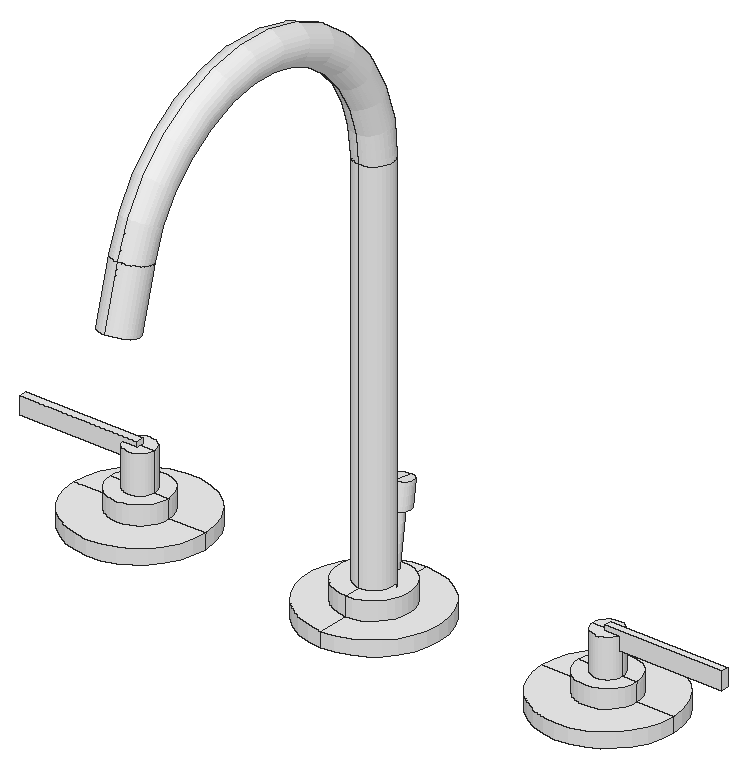
Revit family "Faucet-DXV-Percy-D351058XX_Series", category Plumbing Fixtures, Revit 2014
Parameters (values of type "D35105800.100")
  Width = 8"
  Waste Connection = no
  Warranty Documentation Link = "https://www.dxv.com/-/media/files/dxv/warranty/dxv_warranty_booklet.ashx"
  WFU = 2  # constant formula
  Vent Connection = no
  URL = "http://www.dxv.com/"
  Tri-Spoke Option = no
  Revised Date = "05/07/2018"  # constant formula
  Product Page URL = "https://www.dxv.com/product/percy-widespread-bathroom-faucet-with-lever-handles-by-dxv"
  Product Documentation Link = ""
  Price = "Prices may vary. Please consult Manufacturer Representative for most up-to-date price list."  # constant formula
  Model = "D35105800.100"
  Material = "Metal-DXV-100-Polished Chrome"
  Manufacturer = "DXV"  # constant formula
  Lever Handle Option = yes
  Length = 5 7/16"  # constant formula
  Installation Type = "Deck Mounted"  # constant formula
  Hot Water Connection Diameter = 1/2"
  Height = 10"  # constant formula
  HWFU = 1.5  # constant formula
  HW Connection = yes
  Flow Rate = "1.5 gpm (5.7L/min)"
  Finish = Metal-DXV-100-Polished Chrome
  Description = "Percy Widespread Faucet"  # constant formula
  Default Elevation = 0"
  Cross Handle Option = no
  Creation Date = "07/02/2014"  # constant formula
  Cold Water Connection Diameter = Hot Water Connection Diameter  # 1/2"
  CWFU = 1.5  # constant formula
  CW Connection = yes
  Assembly Code = "D2020300"
  ADA Compliant = yes
Types (11): name | Tri-Spoke Option | Product Page URL | Model | Material | Lever Handle Option | Flow Rate | Finish | Cross Handle Option | ADA Compliant
  (no name) | no | "https://www.dxv.com/product/percy-widespread-bathroom-faucet-with-lever-handles-by-dxv" | "D35105800.100" | "Metal-DXV-100-Polished Chrome" | yes | "1.5 gpm (5.7L/min)" | Metal-DXV-100-Polished Chrome | no | yes
  D35105800.144 | no | "https://www.dxv.com/product/percy-widespread-bathroom-faucet-with-lever-handles-by-dxv" | "D35105800.144" | "Metal-DXV-144-Brushed Nickel" | yes | "1.5 gpm (5.7L/min)" | Metal-DXV-144-Brushed Nickel | no | yes
  D35105800.100 | no | "https://www.dxv.com/product/percy-widespread-bathroom-faucet-with-lever-handles-by-dxv" | "D35105800.100" | "Metal-DXV-100-Polished Chrome" | yes | "1.5 gpm (5.7L/min)" | Metal-DXV-100-Polished Chrome | no | yes
  D35105840.100 | no | "https://www.dxv.com/product/percy-widespread-bathroom-faucet-with-cross-handles-by-dxv" | "D35105840.100" | "Metal-DXV-100-Polished Chrome" | no | "1.5 gpm (5.7L/min)" | Metal-DXV-100-Polished Chrome | yes | no
  D35105840.144 | no | "https://www.dxv.com/product/percy-widespread-bathroom-faucet-with-cross-handles-by-dxv" | "D35105840.144" | "Metal-DXV-144-Brushed Nickel" | no | "1.5 gpm (5.7L/min)" | Metal-DXV-144-Brushed Nickel | yes | no
  D3510580C.100 | no | "https://www.dxv.com/product/percy-widespread-bathroom-faucet-with-lever-handles-by-dxv" | "D3510580C.100" | "Metal-DXV-100-Polished Chrome" | yes | "1.2 gpm (4.5 L/min)" | Metal-DXV-100-Polished Chrome | no | yes
  D3510580C.144 | no | "https://www.dxv.com/product/percy-widespread-bathroom-faucet-with-lever-handles-by-dxv" | "D3510580C.144" | "Metal-DXV-144-Brushed Nickel" | yes | "1.2 gpm (4.5 L/min)" | Metal-DXV-144-Brushed Nickel | no | yes
  D3510584C.100 | no | "https://www.dxv.com/product/percy-widespread-bathroom-faucet-with-cross-handles-by-dxv" | "D3510584C.100" | "Metal-DXV-100-Polished Chrome" | no | "1.2 gpm (4.5 L/min)" | Metal-DXV-100-Polished Chrome | yes | no
  D3510584C.144 | no | "https://www.dxv.com/product/percy-widespread-bathroom-faucet-with-cross-handles-by-dxv" | "D3510584C.144" | "Metal-DXV-144-Brushed Nickel" | no | "1.2 gpm (4.5 L/min)" | Metal-DXV-144-Brushed Nickel | yes | no
  D35105870.100 | yes | "https://www.dxv.com/product/percy-widespread-bathroom-faucet-with-cross-handles-by-dxv" | "D35105870.100" | "Metal-DXV-100-Polished Chrome" | no | "1.2 gpm (4.5 L/min)" | Metal-DXV-100-Polished Chrome | no | no
  D35105870.144 | yes | "https://www.dxv.com/product/percy-widespread-bathroom-faucet-with-cross-handles-by-dxv" | "D35105870.144" | "Metal-DXV-144-Brushed Nickel" | no | "1.2 gpm (4.5 L/min)" | Metal-DXV-144-Brushed Nickel | no | no
Reference planes (in)
  plane 1 "Center (Front/Back)": y = 0
  plane 2: z = 0
  plane 3 "Center (Left/Right)": x = 0
  plane 4: z = 10
  plane 5: z = 6.5625
  plane 6: z = 0.78536
  plane 7: x = 1.125
  plane 8: x = -1.125
  plane 9: y = -5.4375
  plane 10: x = 2.875
  plane 11: x = 4
  plane 12: x = 5.125
  plane 13: x = -4
  plane 14: x = 6.00088
  plane 15: x = -5.25347
  plane 16: x = -2.74653
  plane 17: y = 1.25
  plane 18: y = -1.25
  plane 19: x = -4.06597
  plane 20: x = -3.93403
  plane 21: x = 3.94097
  plane 22: x = 4.05903
  plane 23: x = -4.06597
  plane 24: x = -3.93403
  plane 25: x = 2.75
  plane 26: x = 5.25
Forms (in)
  Revolve 1, solid, material "Metal-DXV-100-Polished Chrome" <- "Finish"
    sketch origin (0, 0, 0) x (0, 1, 0) y (0, 0, 1)
      loop
        line (0, 0) -> (0, 0.56166) -> (-0.60569, 0.56166) -> (-0.60569, 0.25013) -> (-1.125, 0.25013) -> (-1.125, 0) -> (0, 0)
      axis (0, 0.56166) -> (0, 0)
    angle from 0 to 360
  Revolve 2, solid, material "Metal-DXV-100-Polished Chrome" <- "Finish"
    sketch origin (0, -0.04853, 0) x (0, 1, 0) y (0, 0, 1)
      loop
        line (0.44355, 0.40297) -> (0.64814, 1.85869) -> (0.46726, 1.88411) -> (0.40799, 1.46235) -> (0.49843, 1.44964) -> (0.35311, 0.41568) -> (0.44355, 0.40297)
      axis (0.64814, 1.85869) -> (0.44355, 0.40297)
    angle from 0 to 360
  Revolve 3, solid, material "Metal-DXV-100-Polished Chrome" <- "Finish"
    sketch origin (0, 0, 0) x (1, 0, 0) y (0, 0, 1)
      loop
        line (4, 1.20723) -> (3.75088, 1.20723) -> (3.75088, 0.56166) -> (3.50088, 0.56166) -> (3.50088, 0.25013) -> (2.875, 0.25013) -> (2.875, 0) -> (4, 0) -> (4, 1.20723)
      axis (4, 1.20723) -> (4, 0)
    angle from 0 to 360
  Extrusion 4, solid, material "Metal-DXV-100-Polished Chrome" <- "Finish"
    sketch origin (0, 0, 0) x (1, 0, 0) y (0, 1, 0)
      loop
        circle (4, 0) r 0.25
    from -0.05532 to 0
  Extrusion 5, solid, material "Metal-DXV-100-Polished Chrome" <- "Finish", visible <- "Cross Handle Option"
    sketch origin (8, 0.0625, 0.40625) x (-1, 0, 0) y (0, 0, -1)
      loop
        line (2.75, -0.78536) -> (5.25, -0.78536) -> (5.25, -0.4867) -> (2.75, -0.4867) -> (2.75, -0.78536)
    from 0 to 0.125
  Extrusion 6, solid, material "Metal-DXV-100-Polished Chrome" <- "Finish", visible <- "Lever Handle Option"
    sketch origin (0, 0.0625, 0.5) x (1, 0, 0) y (0, 0, 1)
      loop
        line (4, 0.78536) -> (4, 0.4867) -> (6.00088, 0.4867) -> (6.00088, 0.78536) -> (4, 0.78536)
    from 0 to 0.125
  Extrusion 7, solid, material "Metal-DXV-100-Polished Chrome" <- "Finish", visible <- "Lever Handle Option"
    sketch origin (0, 0.0625, 0.5) x (-1, 0, 0) y (0, 0, -1)
      loop
        line (4, -0.78536) -> (6.00088, -0.78536) -> (6.00088, -0.4867) -> (4, -0.4867) -> (4, -0.78536)
    from 0 to 0.125
  Extrusion 8, solid, material "Metal-DXV-100-Polished Chrome" <- "Finish", visible <- "Cross Handle Option"
    sketch origin (0, 0.0625, 0.40625) x (-1, 0, 0) y (0, 0, -1)
      loop
        line (2.74653, -0.78536) -> (5.25347, -0.78536) -> (5.25347, -0.4867) -> (2.74653, -0.4867) -> (2.74653, -0.78536)
    from 0 to 0.125
  Extrusion 9, solid, material "Metal-DXV-100-Polished Chrome" <- "Finish"
    sketch origin (-8, 0, 0) x (1, 0, 0) y (0, 1, 0)
      loop
        circle (4, 0) r 0.25
    from -0.05532 to 0
  Extrusion 10, solid, material "Metal-DXV-100-Polished Chrome" <- "Finish", visible <- "Cross Handle Option"
    sketch origin (3.30393, 0, 4.08002) x (1, 0, 0) y (0, 0, 1)
      loop
        line (-7.3699, -2.88841) -> (-7.3699, -3.18707) -> (-7.23797, -3.18707) -> (-7.23797, -2.88841) -> (-7.3699, -2.88841)
    from -1.25 to 1.25
  Extrusion 11, solid, material "Metal-DXV-100-Polished Chrome" <- "Finish", visible <- "Cross Handle Option"
    sketch origin (11.96711, 0, 4.08002) x (1, 0, 0) y (0, 0, 1)
      loop
        line (-8.02615, -2.88841) -> (-8.02615, -3.18707) -> (-7.90808, -3.18707) -> (-7.90808, -2.88841) -> (-8.02615, -2.88841)
    from -1.25 to 1.25
  Sweep 12, solid, material "Metal-DXV-100-Polished Chrome" <- "Finish"
    path origin (0, 0, 0.30434) x (0, 1, 0) y (0, 0, 1)
      loop
        line (0.31229, -0.30434) -> (0.31229, 6.74271)
        arc (0.31229, 6.74271) -> (-2.24467, 9.66245) -> (-5.47618, 7.51297) r 2.94548
        line (-5.47618, 7.51297) -> (-5.74625, 6.51618)
    profile origin (0, 0.31229, 3.52352) x (0, -1, 0) y (1, 0, 0)
      loop
        circle (0.31229, 0) r 0.31229
  Extrusion 13, solid, material "Metal-DXV-100-Polished Chrome" <- "Finish", visible <- "Tri-Spoke Option"
    sketch origin (0, 0, 0) x (1, 0, 0) y (0, 1, 0)
      loop
        arc (-4.20999, -1.03938) -> (-4, -1.24937) -> (-3.79001, -1.03938) r 0.20999
        line (-3.79001, -1.03938) -> (-3.79001, -0.31359)
        arc (-3.79001, -0.31359) -> (-3.74546, -0.15295) -> (-3.62453, -0.03819) r 0.31191
        line (-3.62453, -0.03819) -> (-2.9837, 0.30255)
        arc (-2.9837, 0.30255) -> (-2.89687, 0.58655) -> (-3.18087, 0.67337) r 0.20999
        line (-3.18087, 0.67337) -> (-3.85329, 0.31584)
        arc (-3.85329, 0.31584) -> (-4, 0.27926) -> (-4.14671, 0.31584) r 0.3125
        line (-4.14671, 0.31584) -> (-4.81913, 0.67337)
        arc (-4.81913, 0.67337) -> (-5.10313, 0.58655) -> (-5.0163, 0.30255) r 0.20999
        line (-5.0163, 0.30255) -> (-4.37578, -0.03802)
        arc (-4.37578, -0.03802) -> (-4.25463, -0.153) -> (-4.20999, -0.31395) r 0.3125
        line (-4.20999, -0.31395) -> (-4.20999, -1.03938)
    from 1.05502 to 1.20723
  Extrusion 14, solid, material "Metal-DXV-100-Polished Chrome" <- "Finish", visible <- "Tri-Spoke Option"
    sketch origin (0, 0, 0) x (-1, 0, 0) y (0, -1, 0)
      loop
        line (-4.20999, 1.03938) -> (-4.20999, 0.31395)
        arc (-4.20999, 0.31395) -> (-4.25463, 0.153) -> (-4.37578, 0.03802) r 0.3125
        line (-4.37578, 0.03802) -> (-5.0163, -0.30255)
        arc (-5.0163, -0.30255) -> (-5.10313, -0.58655) -> (-4.81913, -0.67337) r 0.20999
        line (-4.81913, -0.67337) -> (-4.14671, -0.31584)
        arc (-4.14671, -0.31584) -> (-4, -0.27926) -> (-3.85329, -0.31584) r 0.3125
        line (-3.85329, -0.31584) -> (-3.18087, -0.67337)
        arc (-3.18087, -0.67337) -> (-2.89687, -0.58655) -> (-2.9837, -0.30255) r 0.20999
        line (-2.9837, -0.30255) -> (-3.62453, 0.03819)
        arc (-3.62453, 0.03819) -> (-3.74546, 0.15295) -> (-3.79001, 0.31359) r 0.31191
        line (-3.79001, 0.31359) -> (-3.79001, 1.03938)
        arc (-3.79001, 1.03938) -> (-4, 1.24937) -> (-4.20999, 1.03938) r 0.20999
    from 1.05502 to 1.20723
  Revolve 15, solid, material "Metal-DXV-100-Polished Chrome" <- "Finish"
    sketch origin (0, 0, 0) x (-1, 0, 0) y (0, 0, -1)
      loop
        line (4, -1.20723) -> (4, 0) -> (2.875, 0) -> (2.875, -0.25013) -> (3.50088, -0.25013) -> (3.50088, -0.56166) -> (3.75088, -0.56166) -> (3.75088, -1.20723) -> (4, -1.20723)
      axis (4, -1.20723) -> (4, 0)
    angle from 0 to 360
Cuts and joins
  joined: Revolve 1, Revolve 2
Lines and regions (in)
  Masking region 1
    outline origin (0, 0, 0) x (1, 0, 0) y (0, 1, 0)
      loop
        line (-0.31229, -1.08079) -> (-0.31229, -5.44483)
        spline (-0.31229, -5.44483) -> (-0.30165, -5.52284) -> (-0.27045, -5.59554) -> (-0.22082, -5.65796) -> (-0.15614, -5.70586) -> (-0.08083, -5.73598) -> (0, -5.74625) -> (0.08083, -5.73598) -> (0.15614, -5.70586) -> (0.22082, -5.65796) -> (0.27045, -5.59554) -> (0.30165, -5.52284) -> (0.31229, -5.44483)
        line (0.31229, -5.44483) -> (0.31229, -1.08079)
        arc (0.31229, -1.08079) -> (0, 1.125) -> (-0.31229, -1.08079) r 1.125
      loop
        circle (-4, 0) r 1.125
      loop
        circle (4, 0) r 1.125
  Masking region 2, visible <- "Cross Handle Option"
    outline origin (0, 0, 0) x (1, 0, 0) y (0, 1, 0)
      loop
        line (-4.06597, -0.0625) -> (-4.06597, -1.25) -> (-3.93403, -1.25) -> (-3.93403, -0.0625) -> (-2.74653, -0.0625) -> (-2.74653, 0.0625) -> (-3.93403, 0.0625) -> (-3.93403, 1.25) -> (-4.06597, 1.25) -> (-4.06597, 0.0625) -> (-5.25347, 0.0625) -> (-5.25347, -0.0625) -> (-4.06597, -0.0625)
      loop
        line (4.05903, -0.0625) -> (5.25, -0.0625) -> (5.25, 0.0625) -> (4.05903, 0.0625) -> (4.05903, 1.25) -> (3.94097, 1.25) -> (3.94097, 0.0625) -> (2.75, 0.0625) -> (2.75, -0.0625) -> (3.94097, -0.0625) -> (3.94097, -1.25) -> (4.05903, -1.25) -> (4.05903, -0.0625)
  Masking region 3, visible <- "Lever Handle Option"
    outline origin (0, 0, 0) x (1, 0, 0) y (0, 1, 0)
      loop
        line (-6.00088, 0.0625) -> (-6.00088, -0.0625) -> (-4, -0.0625) -> (-4, 0.0625) -> (-6.00088, 0.0625)
      loop
        line (6.00088, -0.0625) -> (6.00088, 0.0625) -> (4, 0.0625) -> (4, -0.0625) -> (6.00088, -0.0625)
  Masking region 4, visible <- "Tri-Spoke Option"
    outline origin (0, 0, 0) x (1, 0, 0) y (0, 1, 0)
      loop
        line (-5.0163, 0.30255) -> (-4.37578, -0.03802)
        arc (-4.37578, -0.03802) -> (-4.25463, -0.153) -> (-4.20999, -0.31395) r 0.3125
        line (-4.20999, -0.31395) -> (-4.20999, -1.03938)
        arc (-4.20999, -1.03938) -> (-4, -1.24937) -> (-3.79001, -1.03938) r 0.20999
        line (-3.79001, -1.03938) -> (-3.79001, -0.31359)
        arc (-3.79001, -0.31359) -> (-3.74546, -0.15295) -> (-3.62453, -0.03819) r 0.31191
        line (-3.62453, -0.03819) -> (-2.9837, 0.30255)
        arc (-2.9837, 0.30255) -> (-2.89687, 0.58655) -> (-3.18087, 0.67337) r 0.20999
        line (-3.18087, 0.67337) -> (-3.85329, 0.31584)
        arc (-3.85329, 0.31584) -> (-4, 0.27926) -> (-4.14671, 0.31584) r 0.3125
        line (-4.14671, 0.31584) -> (-4.81913, 0.67337)
        arc (-4.81913, 0.67337) -> (-5.10313, 0.58655) -> (-5.0163, 0.30255) r 0.20999
      loop
        arc (5.0163, 0.30255) -> (5.10313, 0.58655) -> (4.81913, 0.67337) r 0.20999
        line (4.81913, 0.67337) -> (4.14671, 0.31584)
        arc (4.14671, 0.31584) -> (4, 0.27926) -> (3.85329, 0.31584) r 0.3125
        line (3.85329, 0.31584) -> (3.18087, 0.67337)
        arc (3.18087, 0.67337) -> (2.89687, 0.58655) -> (2.9837, 0.30255) r 0.20999
        line (2.9837, 0.30255) -> (3.62453, -0.03819)
        arc (3.62453, -0.03819) -> (3.74546, -0.15295) -> (3.79001, -0.31359) r 0.31191
        line (3.79001, -0.31359) -> (3.79001, -1.03938)
        arc (3.79001, -1.03938) -> (4, -1.24937) -> (4.20999, -1.03938) r 0.20999
        line (4.20999, -1.03938) -> (4.20999, -0.31395)
        arc (4.20999, -0.31395) -> (4.25463, -0.153) -> (4.37578, -0.03802) r 0.3125
        line (4.37578, -0.03802) -> (5.0163, 0.30255)
  symbolic lines, style "PlumbingFixtures", detail levels medium+fine
    curve 1: spline (0, 0.7805, 0) -> (-0.02566, 0.7787, 0) -> (-0.0508, 0.77336, 0) -> (-0.07494, 0.76457, 0) -> (-0.0976, 0.75251, 0) -> (-0.11832, 0.73742, 0) -> (-0.13669, 0.7196, 0) -> (-0.15236, 0.69939, 0) -> (-0.165, 0.67721, 0) -> (-0.17437, 0.65349, 0) -> (-0.18028, 0.62871, 0) -> (-0.18262, 0.60334, 0) -> (-0.18134, 0.5779, 0)
    curve 3: arc (-0.31229, 0, 0) -> (0, 0.31229, 0) -> (0.31229, 0, 0) r 0.31229
    curve 4: line (-0.31229, 0, 0) -> (-0.31229, -1.08079, 0)
    curve 5: line (0.31229, -1.08079, 0) -> (0.31229, 0, 0)
    curve 6: arc (-0.31229, -0.51897, 0) -> (-0.60142, 0.0718, 0) -> (-0.18134, 0.5779, 0) r 0.60569
    curve 7: arc (0.18134, 0.5779, 0) -> (0.60142, 0.0718, 0) -> (0.31229, -0.51897, 0) r 0.60569
    curve 8: spline (0.18134, 0.5779, 0) -> (0.18262, 0.60334, 0) -> (0.18028, 0.62871, 0) -> (0.17437, 0.65349, 0) -> (0.165, 0.67721, 0) -> (0.15236, 0.69939, 0) -> (0.13669, 0.7196, 0) -> (0.11832, 0.73742, 0) -> (0.0976, 0.75251, 0) -> (0.07494, 0.76457, 0) -> (0.0508, 0.77336, 0) -> (0.02566, 0.7787, 0) -> (0, 0.7805, 0)
  symbolic lines, style "PlumbingFixtures", detail levels fine
    curve 2: spline (0, 0.41873, 0) -> (0.02202, 0.42005, 0) -> (0.04373, 0.42399, 0) -> (0.06479, 0.4305, 0) -> (0.08491, 0.43947, 0) -> (0.10379, 0.45078, 0) -> (0.12116, 0.46425, 0) -> (0.13676, 0.47971, 0) -> (0.15036, 0.49691, 0) -> (0.16177, 0.51562, 0) -> (0.17082, 0.53555, 0) -> (0.17737, 0.55641, 0) -> (0.18134, 0.5779, 0)
    curve 9: spline (-0.18134, 0.5779, 0) -> (-0.17737, 0.55641, 0) -> (-0.17082, 0.53555, 0) -> (-0.16177, 0.51562, 0) -> (-0.15036, 0.49691, 0) -> (-0.13676, 0.47971, 0) -> (-0.12116, 0.46425, 0) -> (-0.10379, 0.45078, 0) -> (-0.08491, 0.43947, 0) -> (-0.06479, 0.4305, 0) -> (-0.04373, 0.42399, 0) -> (-0.02202, 0.42005, 0) -> (0, 0.41873, 0)
  symbolic lines, detail levels medium+fine
    curve 10: circle (-4, 0, 0) r 0.49912 normal (0, 0, 1)
    curve 11: circle (4, 0, 0) r 0.49912 normal (0, 0, 1)
    curve 12: circle (-4, 0, 0) r 0.24912 normal (0, 0, 1)
    curve 13: circle (4, 0, 0) r 0.24912 normal (0, 0, 1)
Dimensions and locks (in)
  "Height": plane 4 to plane 2
  plane 5 to plane 2 = 6 9/16"
  plane 6 to plane 2 = 0.78536"
  equal spacing: plane 13, plane 3 "Center (Left/Right)", plane 11
  locked: plane 10 to plane 11 at 1.125
  "Width": plane 13 to plane 11
  plane 11 to plane 12 to plane 14 = 1 1/8" locked, 0.87588" locked
  "Height": plane 4 to level
  "Length": plane 9 to plane 1 "Center (Front/Back)"
  plane 12 to plane 10 = 2 1/4"
  equal spacing: plane 23, plane 13, plane 24
  locked: plane 26 to plane 25 at 2.5
  equal spacing: plane 26, plane 11, plane 25, locked at 1.25 each
  locked: plane 13 to plane 19 at 0.06597
  locked: plane 20 to plane 13 at 0.06597
  locked: plane 11 to plane 21 at 0.05903
  locked: plane 22 to plane 11 at 0.05903
  locked: plane 13 to plane 15 at 1.25347
  locked: plane 16 to plane 13 at 1.25347
  locked: plane 13 to Revolve 15 sketch curve at 1.125
  locked: plane 13 to Extrusion 13 sketch curve at 0.5219
  locked: Extrusion 13 sketch curve to plane 13 at 0.52249
  locked: plane 11 to Extrusion 14 sketch curve at 0.52249
  locked: Extrusion 14 sketch curve to plane 11 at 0.5219
  "Hot Water Connection Diameter": diameter of Extrusion 9 sketch curve
  "Cold Water Connection Diameter": diameter of Extrusion 4 sketch curve
  aligned and locked: Revolve 3 sketch curve to Revolve 3 sketch curve
  aligned and locked: Extrusion 10 to plane 17
  aligned and locked: plane 18 to Extrusion 10
  aligned and locked: plane 13 to Extrusion 9 sketch curve
  aligned and locked: plane 25 to Extrusion 5 sketch curve
  aligned and locked: plane 26 to Extrusion 5 sketch curve
  aligned and locked: Revolve 15 sketch curve to Revolve 15 sketch curve
  aligned and locked: Revolve 15 sketch curve to plane 13
  aligned and locked: plane 13 to Extrusion 13 sketch curve
  aligned and locked: plane 11 to Extrusion 14 sketch curve
  aligned and locked: Masking region 1 sketch curve to Revolve 15
  aligned and locked: Masking region 1 sketch curve to Revolve 3
  aligned and locked: Masking region 2 sketch curve to Extrusion 10  (x6)
  aligned and locked: Masking region 2 sketch curve to Extrusion 8  (x4)
  aligned and locked: Masking region 2 sketch curve to Extrusion 7  (x2)
  aligned and locked: Masking region 2 sketch curve to Extrusion 11  (x4)
  aligned and locked: Extrusion 11 to Masking region 2 sketch curve  (x2)
  aligned and locked: Extrusion 6 to Masking region 2 sketch curve  (x2)
  aligned and locked: Masking region 2 sketch curve to Extrusion 5  (x3)
  aligned and locked: Extrusion 5 to Masking region 2 sketch curve
  aligned and locked: curve 11 to Revolve 3
  aligned and locked: curve 10 to Revolve 15
  aligned and locked: Masking region 3 sketch curve to Extrusion 7  (x4)
  aligned and locked: Masking region 3 sketch curve to Extrusion 6  (x4)
  aligned and locked: Masking region 4 sketch curve to Extrusion 13  (x6)
  aligned and locked: Masking region 4 sketch curve to Extrusion 14  (x6)
  aligned and locked: curve 12 to Revolve 15
  aligned and locked: curve 13 to Revolve 3
  aligned and locked: cut or joined group of Revolve 1, Revolve 2 to Revolve 15
  aligned and locked: cut or joined group of Revolve 1, Revolve 2 to Revolve 3
Automatic sketch dimensions
  Revolve 1 sketch curve to level = 0"  (x2)
  Revolve 1 sketch curve to plane 1 "Center (Front/Back)" = 0"  (x2)
  Revolve 1 sketch curve to plane 6 = 0.2237"
  plane 1 "Center (Front/Back)" to Revolve 1 sketch curve = 0.60569"
  Revolve 1 sketch curve to plane 18 = 1/8"
  Revolve 1 sketch curve to plane 6 = 0.53523"
  Revolve 1 sketch curve to level = 1/4"
  Revolve 2 sketch curve to plane 1 "Center (Front/Back)" = 0.35946"
  Revolve 2 sketch curve to plane 6 = 0.36967"
  Revolve 2 sketch curve to plane 1 "Center (Front/Back)" = 0.30459"
  Revolve 2 sketch curve to plane 1 "Center (Front/Back)" = 0.41873"
  Revolve 2 sketch curve to Revolve 2 sketch curve = 0.09044"  (x2)
  Revolve 2 sketch curve to plane 6 = 0.38238"
  plane 6 to Revolve 2 sketch curve = 0.0463"
  Revolve 2 sketch curve to Revolve 2 sketch curve = 0.06025"
  plane 6 to Revolve 2 sketch curve = 0.10985"
  Revolve 2 sketch curve to Revolve 2 sketch curve = 0.06918"
  Revolve 3 sketch curve to level = 0"
  Revolve 3 sketch curve to plane 10 = 0"
  Revolve 3 sketch curve to plane 6 = 0.2237"
  Revolve 3 sketch curve to plane 11 = 0"
  Revolve 3 sketch curve to plane 11 = 0.49912"
  Revolve 3 sketch curve to plane 11 = 0.24912"
  level to Revolve 3 sketch curve = 0.25013"
  plane 6 to Revolve 3 sketch curve = 27/64"
  Revolve 3 sketch curve to Revolve 3 sketch curve = 0.16299"
  Revolve 3 sketch curve to Revolve 3 sketch curve = 0.16553"
  plane 1 "Center (Front/Back)" to Extrusion 4 sketch curve = 0"
  Extrusion 4 sketch curve to plane 11 = 0"
  plane 6 to Extrusion 5 sketch curve = 13/32"
  plane 6 to Extrusion 5 sketch curve = 0.10759"
  Extrusion 6 sketch curve to plane 11 = 0"
  Extrusion 6 sketch curve to plane 14 = 0"
  plane 6 to Extrusion 6 sketch curve = 0.20134"
  Extrusion 6 sketch curve to Extrusion 6 sketch curve = 0.29866"
  plane 13 to Extrusion 7 sketch curve = 0"
  plane 6 to Extrusion 7 sketch curve = 0.20134"
  Extrusion 7 sketch curve to Extrusion 7 sketch curve = 2.00088"
  Extrusion 7 sketch curve to Extrusion 7 sketch curve = 0.29866"
  Extrusion 8 sketch curve to plane 16 = 0"
  Extrusion 8 sketch curve to plane 15 = 0"
  plane 6 to Extrusion 8 sketch curve = 13/32"
  plane 6 to Extrusion 8 sketch curve = 0.10759"
  plane 1 "Center (Front/Back)" to Extrusion 9 sketch curve = 0"
  Extrusion 10 sketch curve to plane 19 = 0"
  Extrusion 10 sketch curve to plane 20 = 0"
  plane 6 to Extrusion 10 sketch curve = 0.10759"
  Extrusion 10 sketch curve to Extrusion 10 sketch curve = 0.29866"
  Extrusion 11 sketch curve to plane 21 = 0"
  Extrusion 11 sketch curve to plane 22 = 0"
  plane 6 to Extrusion 11 sketch curve = 0.10759"
  Extrusion 11 sketch curve to Extrusion 11 sketch curve = 0.29866"
  Sweep 12 sketch curve to level = 0"
  plane 9 to Sweep 12 sketch curve = 0.03868"
  plane 5 to Sweep 12 sketch curve = 0.48455"
  plane 18 to Sweep 12 sketch curve = 1.3832"
  Sweep 12 sketch curve to plane 1 "Center (Front/Back)" = 0.31229"
  plane 9 to Sweep 12 sketch curve = 0.30875"
  plane 5 to Sweep 12 sketch curve = 0.25801"
  Sweep 12 sketch curve to profile plane = 0"
  Sweep 12 sketch curve to profile plane = 0.31229"
  Extrusion 13 sketch curve to plane 13 = 0"
  plane 13 to Extrusion 13 sketch curve = 0.14671"
  plane 1 "Center (Front/Back)" to Extrusion 13 sketch curve = 0.03802"
  Extrusion 13 sketch curve to Extrusion 13 sketch curve = 0.14671"
  Extrusion 13 sketch curve to Extrusion 13 sketch curve = 0.67242"  (x2)
  Extrusion 13 sketch curve to Extrusion 13 sketch curve = 0.09859"  (x4)
  Extrusion 13 sketch curve to plane 1 "Center (Front/Back)" = 0.30255"  (x2)
  Extrusion 13 sketch curve to plane 13 = 0.14671"
  plane 1 "Center (Front/Back)" to Extrusion 13 sketch curve = 0.03819"
  Extrusion 13 sketch curve to Extrusion 13 sketch curve = 0.16548"
  Extrusion 13 sketch curve to Extrusion 13 sketch curve = 0.14643"
  Extrusion 13 sketch curve to plane 18 = 0.21062"
  Extrusion 13 sketch curve to plane 1 "Center (Front/Back)" = 0.31584"
  Extrusion 13 sketch curve to Extrusion 13 sketch curve = 0.18541"  (x2)
  Extrusion 13 sketch curve to Extrusion 13 sketch curve = 0.27592"
  Extrusion 14 sketch curve to plane 11 = 0"
  Extrusion 14 sketch curve to plane 11 = 0.14671"
  Extrusion 14 sketch curve to plane 1 "Center (Front/Back)" = 0.03802"
  Extrusion 14 sketch curve to Extrusion 14 sketch curve = 0.14671"
  plane 12 to Extrusion 14 sketch curve = 0.30587"
  plane 12 to Extrusion 14 sketch curve = 0.20728"
  plane 12 to Extrusion 14 sketch curve = 0.1087"
  plane 11 to Extrusion 14 sketch curve = 0.14671"
  Extrusion 14 sketch curve to plane 1 "Center (Front/Back)" = 0.03819"
  Extrusion 14 sketch curve to Extrusion 14 sketch curve = 0.16548"
  Extrusion 14 sketch curve to Extrusion 14 sketch curve = 0.14643"
  Extrusion 14 sketch curve to plane 10 = 0.30587"
  Extrusion 14 sketch curve to plane 10 = 0.20728"
  Extrusion 14 sketch curve to plane 10 = 0.1087"
  plane 18 to Extrusion 14 sketch curve = 0.21062"
  plane 1 "Center (Front/Back)" to Extrusion 14 sketch curve = 0.30255"  (x2)
  plane 1 "Center (Front/Back)" to Extrusion 14 sketch curve = 0.31584"
  Extrusion 14 sketch curve to Extrusion 14 sketch curve = 0.18541"  (x2)
  Extrusion 14 sketch curve to Extrusion 14 sketch curve = 0.27592"
  Revolve 15 sketch curve to level = 0"
  Revolve 15 sketch curve to plane 6 = 0.2237"
  Revolve 15 sketch curve to plane 13 = 0.24912"
  Revolve 15 sketch curve to Revolve 15 sketch curve = 1/4"
  plane 6 to Revolve 15 sketch curve = 27/64"
  level to Revolve 15 sketch curve = 0.25013"
  Revolve 15 sketch curve to Revolve 15 sketch curve = 0.16299"
  Revolve 15 sketch curve to Revolve 15 sketch curve = 0.16553"
  Masking region 1 sketch curve to plane 3 "Center (Left/Right)" = 0"  (x2)
  plane 1 "Center (Front/Back)" to Masking region 1 sketch curve = 0"
  Masking region 1 sketch curve to plane 3 "Center (Left/Right)" = 0.31229"
  Masking region 1 sketch curve to plane 18 = 0.16921"
  plane 9 to Masking region 1 sketch curve = 0.00733"
  plane 13 to Masking region 4 sketch curve = 0.14671"
  plane 1 "Center (Front/Back)" to Masking region 4 sketch curve = 0.03802"  (x2)
  Masking region 4 sketch curve to Masking region 4 sketch curve = 0.09859"  (x5)
  Masking region 4 sketch curve to plane 13 = 0.14671"
  plane 1 "Center (Front/Back)" to Masking region 4 sketch curve = 0.03819"  (x2)
  plane 10 to Masking region 4 sketch curve = 0.1087"
  Masking region 4 sketch curve to plane 11 = 0.14671"
  plane 11 to Masking region 4 sketch curve = 0.14671"
  Masking region 4 sketch curve to plane 12 = 0.30587"
  Masking region 4 sketch curve to plane 12 = 0.1087"
  curve 3 to curve 6 = 0"
  curve 3 to curve 7 = 0"
  curve 6 to curve 7 = 0"  (x2)
  plane 1 "Center (Front/Back)" to curve 4 = 0"
  curve 2 to plane 3 "Center (Left/Right)" = 0"
  curve 3 to plane 3 "Center (Left/Right)" = 0"
  curve 1 to plane 3 "Center (Left/Right)" = 0"
  curve 4 to curve 3 = 0.31229"
  curve 1 to plane 3 "Center (Left/Right)" = 0.18134"
  plane 3 "Center (Left/Right)" to curve 7 = 0.18134"
  curve 7 to curve 2 = 0.00132"
  curve 1 to curve 2 = 0"
  curve 8 to curve 2 = 0"
  curve 9 to curve 1 = 0"
  curve 7 to curve 3 = 0.51897"
  curve 6 to curve 3 = 0.51897"
  curve 5 to plane 18 = 0.16921"
  curve 4 to plane 18 = 0.16921"
  curve 2 to curve 6 = 0.15917"
  curve 1 to curve 9 = 0"
  radius of Sweep 12 sketch curve = 0.31229"
Connectors (in)
  piping at (4, 0, 0), diameter 0.5, driven by "HWFU", driven by "Hot Water Connection Diameter"
    settings: on Extrusion 4, index 1, connector inside diameter 24", connector length 0", flow factor 0, pipe flow 0 GPM, pressure drop 0.00 psi, fitting loss kfactor 0, connector angle 0.00°, fixture units 1.5, engagement length 0", angle of deflection 0.00°, flow configuration 3, flow direction 1, fitting loss method 0, system type 19, joint type 0, gender type 0, connector reference index -1, connector utility 0, adjustable connector no, is connector primary yes, connector description "1/2\" HW Inlet Connection"
  piping at (-4, 0, -0.05532), diameter 0.5, driven by "Hot Water Connection Diameter", driven by "HWFU"
    settings: on Extrusion 9, index 3, connector inside diameter 24", connector length 0", flow factor 0, pipe flow 0 GPM, pressure drop 0.00 psi, fitting loss kfactor 0, connector angle 0.00°, fixture units 1.5, engagement length 0", angle of deflection 0.00°, flow configuration 3, flow direction 1, fitting loss method 0, system type 19, joint type 0, gender type 0, connector reference index -1, connector utility 0, adjustable connector no, is connector primary no, connector description "1/2\" HW Inlet Connection"
